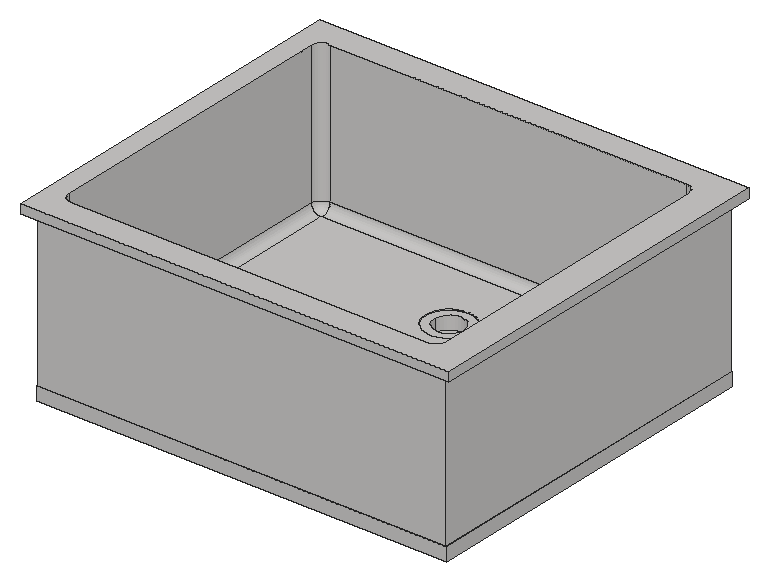
Revit family "DCS_BC25_Beverage_Chiller_90000793A", category Specialty Equipment, Revit 2018
Family settings
  Round Connector Dimension = Use Diameter
  Part Type = Normal
  OmniClass Number = 23.40.40.14.24.11
  OmniClass Title = Bar Equipment
  Work Plane-Based = No
  Always vertical = Yes
  Cut with Voids When Loaded = Yes
  Shared = No
  Room Calculation Point = No
Parameters (values of type "Bottle Chiller (without cover)")
  Visibility - Cover = no
  Visibility - Clearance Required = yes
  URL = "www.dcsappliances.com"
  Product - Width = 670 mm  # constant formula
  Product - Height = 306 mm  # constant formula
  Product - Depth = 557 mm  # constant formula
  Model = "BC1-25AC"
  Material - Body = DCS - Stainless Steel
  Manufacturer = "Fisher & Paykel"
  Description = "BC25 Beverage Chiller Bottle Holder Accessory"
  Cavity - Width = 615 mm  # constant formula
  Cavity - Height = 250 mm  # constant formula
  Cavity - Depth = 535 mm  # constant formula
Types (3, lengths in mm): name | Visibility - Cover | Model | Description
  (no name) | no | "BC1-25AC" | "BC25 Beverage Chiller Bottle Holder Accessory"
  Bottle Chiller | yes | "BC25" | "BC25 Bottle Chiller"
  Bottle Chiller (without cover) | no | "BC1-25AC" | "BC25 Beverage Chiller Bottle Holder Accessory"
Reference planes
  plane 1 "Center (Front/Back)": y = 0
  plane 2: z = 0
  plane 3 "Center (Left/Right)": x = 0
  plane 4 "Cavity - Height": z = -250
  plane 5 "Product - Height": z = 57
  plane 6 "Product LHS": x = -335
  plane 7 "Product RHS": x = 335
  plane 8 "Product Rear": y = 278.5
  plane 9 "Product Front": y = -278.5
  plane 10 "Cavity Front": y = -267.5
  plane 11 "Cavity Rear": y = 267.5
  plane 12 "Cavity LHS": x = -307.5
  plane 13 "Cavity RHS": x = 307.5
Forms (mm)
  Sweep 1, void
    path origin (0, 120.5, 0) x (1, 0, 0) y (0, 0, 1)
      loop
        line (0, -249) -> (0, -394)
        arc (0, -394) -> (45, -439) -> (90, -394) r 45
        line (90, -394) -> (90, -354)
        arc (90, -354) -> (103.18, -322.18) -> (135, -309) r 45
        line (135, -309) -> (175, -309)
    profile origin (0, 120.5, -321.5) x (0, -1, 0) y (1, 0, 0)
      loop
        circle (0, 0) r 25
  Extrusion 2, void
    sketch origin (0, 0, 0) x (1, 0, 0) y (0, 1, 0)
      loop
        line (-307.5, -267.5) -> (307.5, -267.5) -> (307.5, 267.5) -> (-307.5, 267.5) -> (-307.5, -267.5)
    from -250 to 0
Text (mm)
  text "Due to ongoing product development, product details are subject to change without notice. \nPlease always refer to https://www.dcsappliances.com for the most current product information. \n© DCS by Fisher & Paykel Appliances Ltd 2020" at (41.04, -702.724, 0), in view "Ref. Level (Plan)"
Dimensions and locks
  equal spacing: plane 6 "Product LHS", plane 3 "Center (Left/Right)", plane 7 "Product RHS"
  "Product - Width": plane 6 "Product LHS" to plane 7 "Product RHS"
  equal spacing: plane 10 "Cavity Front", plane 1 "Center (Front/Back)", plane 11 "Cavity Rear"
  "Cavity - Depth": plane 10 "Cavity Front" to plane 11 "Cavity Rear"
  equal spacing: plane 12 "Cavity LHS", plane 3 "Center (Left/Right)", plane 13 "Cavity RHS"
  "Cavity - Width": plane 12 "Cavity LHS" to plane 13 "Cavity RHS"
  equal spacing: plane 8 "Product Rear", plane 1 "Center (Front/Back)", plane 9 "Product Front"
  "Product - Depth": plane 8 "Product Rear" to plane 9 "Product Front"
  "Cavity - Height": level to plane 4 "Cavity - Height"
  aligned and locked: level to plane 2
Automatic sketch dimensions
  Sweep 1 sketch curve to plane 3 "Center (Left/Right)" = 0 mm
  Sweep 1 sketch curve to Sweep 1 sketch curve = 45 mm  (x2)
  Sweep 1 sketch curve to plane 4 "Cavity - Height" = 144 mm
  Sweep 1 sketch curve to Sweep 1 sketch curve = 40 mm  (x2)
  plane 4 "Cavity - Height" to Sweep 1 sketch curve = 1 mm
  Sweep 1 sketch curve to profile plane = 0 mm
  profile plane to Sweep 1 sketch curve = 0 mm
  Extrusion 2 sketch curve to plane 11 "Cavity Rear" = 0 mm
  Extrusion 2 sketch curve to plane 12 "Cavity LHS" = 0 mm
  Extrusion 2 sketch curve to plane 13 "Cavity RHS" = 0 mm
  Extrusion 2 sketch curve to plane 10 "Cavity Front" = 0 mm
  radius of Sweep 1 sketch curve = 25 mm
Nested families
  nested 1: "DCS_Beverage_Chiller" at (0, 0, 0), type "DCS_Beverage_Chiller"
  nested 2: "DCS_Cover_Beverage_Chiller" at (0, 0, 0), visible <- "Visibility - Cover", type "DCS_Cover_Beverage_Chiller"
Connectors
  piping at (175, 120.5, -309), diameter 51
    settings: on Sweep 1, index 1, connector inside diameter 609.6 mm, connector length 0 mm, flow factor 0, pipe flow 0.0 L/s, pressure drop 0.0 Pa, fitting loss kfactor 0, connector angle 0.00°, fixture units 0, engagement length 0 mm, angle of deflection 0.00°, flow configuration 0, flow direction 2, fitting loss method 0, system type 16, joint type 0, gender type 0, connector reference index -1, connector utility 0, adjustable connector no, is connector primary yes, connector description ""
Definition of nested family "DCS_Beverage_Chiller"
  Parameters (values of type "DCS_Beverage_Chiller")
    Visibility - Clearance Required = yes
    URL = "www.dcsappliances.com"
    Product - Width = 670 mm  # constant formula
    Product - Height = 306 mm  # constant formula
    Product - Depth = 557 mm  # constant formula
    Model = "BC25"
    Material - Body = none
    Manufacturer = "Fisher & Paykel"
    Description = "BC25 Bottle Chiller"
    Chassis - Width = 608 mm  # constant formula
    Chassis - Height = 249 mm  # constant formula
    Chassis - Depth = 529 mm  # constant formula
    Cavity - Width = 615 mm  # constant formula
    Cavity - Height = 250 mm  # constant formula
    Cavity - Depth = 535 mm  # constant formula
  Reference planes
    plane 1 "Center (Front/Back)": y = 0
    plane 2: z = 0
    plane 3 "Center (Left/Right)": x = 0
    plane 4 "Cavity - Height": z = -250
    plane 5 "Product - Height": z = 57
    plane 6 "Product LHS": x = -335
    plane 7 "Product RHS": x = 335
    plane 8 "Product Rear": y = 278.5
    plane 9 "Product Front": y = -278.5
    plane 10 "Cavity Front": y = -267.5
    plane 11 "Cavity Rear": y = 267.5
    plane 12 "Cavity LHS": x = -307.5
    plane 13 "Cavity RHS": x = 307.5
  Forms (mm)
    Extrusion 1, solid, material <- "Material - Body"
      sketch origin (0, 0, 0) x (1, 0, 0) y (0, 1, 0)
        loop
          line (-304, 264.5) -> (-304, -264.5) -> (304, -264.5) -> (304, 264.5) -> (-304, 264.5)
      from -249 to -229
    Extrusion 2, solid, material <- "Material - Body"
      sketch origin (0, 0, 0) x (1, 0, 0) y (0, 1, 0)
        loop
          arc (-272.527, 240.45) -> (-283.841, 235.764) -> (-288.527, 224.45) r 16
          line (-288.527, 224.45) -> (-288.527, -224.25)
          arc (-288.527, -224.25) -> (-283.841, -235.564) -> (-272.527, -240.25) r 16
          line (-272.527, -240.25) -> (255.473, -240.25)
          arc (255.473, -240.25) -> (266.786, -235.564) -> (271.473, -224.25) r 16
          line (271.473, -224.25) -> (271.473, 224.45)
          arc (271.473, 224.45) -> (266.786, 235.764) -> (255.473, 240.45) r 16
          line (255.473, 240.45) -> (-272.527, 240.45)
        loop
          line (-303, 264.05) -> (-303, -263.95) -> (303, -263.95) -> (303, 264.05) -> (-303, 264.05)
      from -209.2 to 14
    Extrusion 3, solid, material <- "Material - Body"
      sketch origin (0, 0, 0) x (1, 0, 0) y (0, 1, 0)
        loop
          line (-303, 264.05) -> (-303, -263.95) -> (303, -263.95) -> (303, 264.05) -> (-303, 264.05)
      from -229 to -209.2
    Extrusion 4, solid, material <- "Material - Body"
      sketch origin (0, 0, 0) x (1, 0, 0) y (0, 1, 0)
        loop
          line (318, -277.5) -> (318, 277.5) -> (-318, 277.5) -> (-318, -277.5) -> (318, -277.5)
        loop
          line (-303, 259.55) -> (-303, -263.95) -> (303, -263.95) -> (303, 259.55) -> (-303, 259.55)
      from 0 to 14
    Sweep 5, solid, material <- "Material - Body"
      path in 3D
        loop
          arc (-272.527, 240.45, -209.2) -> (-283.841, 235.764, -209.2) -> (-288.527, 224.45, -209.2) r 16
          line (-288.527, 224.45, -209.2) -> (-288.527, -224.25, -209.2)
          arc (-288.527, -224.25, -209.2) -> (-283.841, -235.564, -209.2) -> (-272.527, -240.25, -209.2) r 16
          line (-272.527, -240.25, -209.2) -> (255.473, -240.25, -209.2)
          arc (255.473, -240.25, -209.2) -> (266.786, -235.564, -209.2) -> (271.473, -224.25, -209.2) r 16
          line (271.473, -224.25, -209.2) -> (271.473, 224.45, -209.2)
          arc (271.473, 224.45, -209.2) -> (266.786, 235.764, -209.2) -> (255.473, 240.45, -209.2) r 16
          line (255.473, 240.45, -209.2) -> (-272.527, 240.45, -209.2)
      profile origin (-8.527, 240.45, -209.2) x (0, 1, 0) y (0, 0, -1)
        loop
          line (0, 0) -> (-14, 0)
          arc (-14, 0) -> (-4.101, -4.101) -> (0, -14) r 14
          line (0, -14) -> (0, 0)
    Extrusion 6, void
      sketch origin (0, 0, 0) x (1, 0, 0) y (0, 1, 0)
        loop
          circle (0, 120.5) r 22.1
      from -249 to -195.2
    Extrusion 7, solid
      sketch origin (0, 0, 0) x (1, 0, 0) y (0, 1, 0)
        loop
          circle (0, 120.5) r 22.1
        loop
          circle (0, 120.5) r 23.2
      from -274 to -249
    Extrusion 8, void
      sketch origin (0, 0, 0) x (1, 0, 0) y (0, 1, 0)
        loop
          circle (0, 120.5) r 35
      from -210 to -209.2
    Sweep 9, solid, detail levels coarse
      path origin (0, 120.5, 0) x (1, 0, 0) y (0, 0, 1)
        loop
          line (0, -249) -> (0, -394)
          arc (0, -394) -> (45, -439) -> (90, -394) r 45
          line (90, -394) -> (90, -354)
          arc (90, -354) -> (103.18, -322.18) -> (135, -309) r 45
          line (135, -309) -> (175, -309)
      profile origin (0, 120.5, -321.5) x (0, -1, 0) y (1, 0, 0)
        loop
          circle (0, 0) r 25
    Extrusion 10, solid, detail levels coarse
      sketch origin (0, 0, 0) x (1, 0, 0) y (0, 1, 0)
        loop
          line (-307.5, -267.5) -> (307.5, -267.5) -> (307.5, 267.5) -> (-307.5, 267.5) -> (-307.5, -267.5)
      from -250 to 0
  Cuts and joins
    Extrusion 6 cuts Extrusion 2
    Extrusion 6, Extrusion 8 cuts Extrusion 3
    joined: Extrusion 2, Extrusion 3, Extrusion 4, Sweep 5
  Lines and regions (mm)
    sketch lines
      curve 1: line (255.473, 240.45, -209.2) -> (-272.527, 240.45, -209.2)
      curve 2: arc (-288.527, 224.45, -209.2) -> (-283.841, 235.764, -209.2) -> (-272.527, 240.45, -209.2) r 16
      curve 3: line (-288.527, 224.45, -209.2) -> (-288.527, -224.25, -209.2)
      curve 4: arc (-272.527, -240.25, -209.2) -> (-283.841, -235.564, -209.2) -> (-288.527, -224.25, -209.2) r 16
      curve 5: line (-272.527, -240.25, -209.2) -> (255.473, -240.25, -209.2)
      curve 6: arc (271.473, -224.25, -209.2) -> (266.786, -235.564, -209.2) -> (255.473, -240.25, -209.2) r 16
      curve 7: line (271.473, -224.25, -209.2) -> (271.473, 224.45, -209.2)
      curve 8: arc (255.473, 240.45, -209.2) -> (266.786, 235.764, -209.2) -> (271.473, 224.45, -209.2) r 16
  Text (mm)
    text "Due to ongoing product development, product details are subject to change without notice. \nPlease always refer to https://www.dcsappliances.com for the most current product information. \n© DCS by Fisher & Paykel Appliances Ltd 2020" at (41.04, -702.724, 0), in view "Ref. Level (Plan)"
  Dimensions and locks
    equal spacing: plane 6 "Product LHS", plane 3 "Center (Left/Right)", plane 7 "Product RHS"
    "Product - Width": plane 6 "Product LHS" to plane 7 "Product RHS"
    equal spacing: cut or joined group of Extrusion 2, Extrusion 3, Extrusion 4, Sweep 5, Extrusion 6, Extrusion 8, plane 1 "Center (Front/Back)", cut or joined group of Extrusion 2, Extrusion 3, Extrusion 4, Sweep 5, Extrusion 6, Extrusion 8
    equal spacing: Extrusion 1, plane 1 "Center (Front/Back)", Extrusion 1
    equal spacing: cut or joined group of Extrusion 2, Extrusion 3, Extrusion 4, Sweep 5, Extrusion 6, Extrusion 8, plane 3 "Center (Left/Right)", cut or joined group of Extrusion 2, Extrusion 3, Extrusion 4, Sweep 5, Extrusion 6, Extrusion 8
    equal spacing: Extrusion 1, plane 3 "Center (Left/Right)", Extrusion 1
    equal spacing: plane 10 "Cavity Front", plane 1 "Center (Front/Back)", plane 11 "Cavity Rear"
    "Cavity - Depth": plane 10 "Cavity Front" to plane 11 "Cavity Rear"
    equal spacing: plane 12 "Cavity LHS", plane 3 "Center (Left/Right)", plane 13 "Cavity RHS"
    "Cavity - Width": plane 12 "Cavity LHS" to plane 13 "Cavity RHS"
    equal spacing: plane 8 "Product Rear", plane 1 "Center (Front/Back)", plane 9 "Product Front"
    "Product - Depth": plane 8 "Product Rear" to plane 9 "Product Front"
    "Cavity - Height": level to plane 4 "Cavity - Height"
    "Chassis - Height": level to Extrusion 1
    "Chassis - Width": Extrusion 1 to Extrusion 1
    "Chassis - Depth": Extrusion 1 to Extrusion 1
    Extrusion 4 sketch curve to Extrusion 4 sketch curve = 555 mm
    Extrusion 7 to plane 5 "Product - Height" = 331 mm
    "Product - Height": Extrusion 1 to plane 5 "Product - Height"
    cut or joined group of Extrusion 2, Extrusion 3, Extrusion 4, Sweep 5, Extrusion 6, Extrusion 8 to cut or joined group of Extrusion 2, Extrusion 3, Extrusion 4, Sweep 5, Extrusion 6, Extrusion 8 = 636 mm
    aligned and locked: level to plane 2
    aligned and locked: plane 10 "Cavity Front" to Extrusion 10 sketch curve
    aligned and locked: Extrusion 10 sketch curve to plane 12 "Cavity LHS"
    aligned and locked: Extrusion 10 sketch curve to plane 11 "Cavity Rear"
    aligned and locked: plane 13 "Cavity RHS" to Extrusion 10 sketch curve
    aligned and locked: level to Extrusion 10
  Automatic sketch dimensions
    plane 12 "Cavity LHS" to Extrusion 1 sketch curve = 3.5 mm
    Extrusion 1 sketch curve to plane 13 "Cavity RHS" = 3.5 mm
    Extrusion 1 sketch curve to plane 10 "Cavity Front" = 3 mm
    plane 11 "Cavity Rear" to Extrusion 1 sketch curve = 3 mm
    plane 12 "Cavity LHS" to Extrusion 2 sketch curve = 4.5 mm
    plane 12 "Cavity LHS" to Extrusion 2 sketch curve = 18.973 mm
    Extrusion 2 sketch curve to Extrusion 2 sketch curve = 16 mm  (x3)
    Extrusion 2 sketch curve to plane 13 "Cavity RHS" = 52.027 mm  (x2)
    Extrusion 2 sketch curve to plane 10 "Cavity Front" = 27.25 mm
    Extrusion 2 sketch curve to plane 13 "Cavity RHS" = 4.5 mm
    Extrusion 2 sketch curve to plane 10 "Cavity Front" = 3.55 mm
    plane 11 "Cavity Rear" to Extrusion 2 sketch curve = 43.05 mm
    plane 11 "Cavity Rear" to Extrusion 2 sketch curve = 3.45 mm
    plane 12 "Cavity LHS" to Extrusion 3 sketch curve = 4.5 mm
    Extrusion 3 sketch curve to plane 13 "Cavity RHS" = 4.5 mm
    Extrusion 3 sketch curve to plane 10 "Cavity Front" = 3.55 mm
    plane 11 "Cavity Rear" to Extrusion 3 sketch curve = 3.45 mm
    plane 9 "Product Front" to Extrusion 4 sketch curve = 1 mm
    Extrusion 4 sketch curve to plane 12 "Cavity LHS" = 10.5 mm
    plane 12 "Cavity LHS" to Extrusion 4 sketch curve = 4.5 mm
    Extrusion 4 sketch curve to plane 13 "Cavity RHS" = 4.5 mm
    plane 13 "Cavity RHS" to Extrusion 4 sketch curve = 10.5 mm
    Extrusion 4 sketch curve to plane 10 "Cavity Front" = 3.55 mm
    plane 11 "Cavity Rear" to Extrusion 4 sketch curve = 7.95 mm
    profile plane to Sweep 5 sketch curve = 0 mm
    Sweep 5 sketch curve to profile plane = 0 mm
    profile plane to Sweep 5 sketch curve = 14 mm
    Extrusion 6 sketch curve to plane 3 "Center (Left/Right)" = 0 mm
    Extrusion 6 sketch curve to plane 1 "Center (Front/Back)" = 120.5 mm
    Extrusion 7 sketch curve to Extrusion 7 sketch curve = 0 mm  (x2)
    Extrusion 7 sketch curve to plane 3 "Center (Left/Right)" = 0 mm
    Extrusion 7 sketch curve to plane 1 "Center (Front/Back)" = 120.5 mm
    Extrusion 8 sketch curve to plane 3 "Center (Left/Right)" = 0 mm
    Extrusion 8 sketch curve to plane 1 "Center (Front/Back)" = 120.5 mm
    Sweep 9 sketch curve to plane 3 "Center (Left/Right)" = 0 mm
    Sweep 9 sketch curve to Sweep 9 sketch curve = 45 mm  (x2)
    Sweep 9 sketch curve to plane 4 "Cavity - Height" = 144 mm
    Sweep 9 sketch curve to Sweep 9 sketch curve = 40 mm  (x2)
    plane 4 "Cavity - Height" to Sweep 9 sketch curve = 1 mm
    Sweep 9 sketch curve to profile plane = 0 mm
    profile plane to Sweep 9 sketch curve = 0 mm
    radius of Extrusion 6 sketch curve = 22.1 mm
    radius of Extrusion 7 sketch curve = 22.1 mm
    radius of Extrusion 7 sketch curve = 23.2 mm
    radius of Extrusion 8 sketch curve = 35 mm
    radius of Sweep 9 sketch curve = 25 mm
Definition of nested family "DCS_Cover_Beverage_Chiller"
  Parameters (values of type "DCS_Cover_Beverage_Chiller")
    URL = "www.dcsappliances.com"
    Product - Width = 670 mm  # constant formula
    Product - Height = 306 mm  # constant formula
    Product - Depth = 557 mm  # constant formula
    Model = "BC25"
    Material - Body = none
    Manufacturer = "Fisher & Paykel"
    Description = "BC25 Bottle Chiller"
  Reference planes
    plane 1 "Center (Front/Back)": y = 0
    plane 2: z = 0
    plane 3 "Center (Left/Right)": x = 0
    plane 4 "Product - Height": z = 57
    plane 5 "Product LHS": x = -335
    plane 6 "Product RHS": x = 335
    plane 7 "Product Rear": y = 278.5
    plane 8 "Product Front": y = -278.5
  Forms (mm)
    Extrusion 1, solid, material <- "Material - Body"
      sketch origin (0, 0, 0) x (1, 0, 0) y (0, 0, 1)
        loop
          line (-335, 57) -> (-335, 36.354) -> (-323.46, 36.354) -> (-323.46, 8.11) -> (-319.764, 8.11) -> (-319.764, 23.11) -> (319.764, 23.11) -> (319.764, 8.11) -> (323.46, 8.11) -> (323.46, 36.354) -> (335, 36.354) -> (335, 57) -> (-335, 57)
      from -278.5 to 278.5
    Extrusion 2, solid, material <- "Material - Body"
      sketch origin (0, 0, 0) x (1, 0, 0) y (0, 1, 0)
        loop
          line (-319.764, 277.496) -> (319.764, 277.496) -> (319.764, 278.5) -> (-319.764, 278.5) -> (-319.764, 277.496)
        loop
          line (-319.764, -277.496) -> (-319.764, -278.5) -> (319.764, -278.5) -> (319.764, -277.496) -> (-319.764, -277.496)
      from 8.11 to 23.11
  Cuts and joins
    joined: Extrusion 1, Extrusion 2
  Text (mm)
    text "Due to ongoing product development, product details are subject to change without notice. \nPlease always refer to https://www.dcsappliances.com for the most current product information. \n© DCS by Fisher & Paykel Appliances Ltd 2020" at (41.04, -702.724, 0), in view "Ref. Level (Plan)"
  Dimensions and locks
    equal spacing: plane 5 "Product LHS", plane 3 "Center (Left/Right)", plane 6 "Product RHS"
    "Product - Width": plane 5 "Product LHS" to plane 6 "Product RHS"
    equal spacing: plane 7 "Product Rear", plane 1 "Center (Front/Back)", plane 8 "Product Front"
    "Product - Depth": plane 7 "Product Rear" to plane 8 "Product Front"
    aligned and locked: level to plane 2
    aligned and locked: Extrusion 1 sketch curve to plane 6 "Product RHS"
    aligned and locked: plane 7 "Product Rear" to cut or joined group of Extrusion 1, Extrusion 2
    aligned and locked: plane 8 "Product Front" to cut or joined group of Extrusion 1, Extrusion 2
    aligned and locked: plane 7 "Product Rear" to Extrusion 2 sketch curve
    aligned and locked: Extrusion 2 to cut or joined group of Extrusion 1, Extrusion 2  (x5)
    aligned and locked: cut or joined group of Extrusion 1, Extrusion 2 to Extrusion 2
    aligned and locked: plane 4 "Product - Height" to cut or joined group of Extrusion 1, Extrusion 2
  Automatic sketch dimensions
    plane 5 "Product LHS" to Extrusion 1 sketch curve = 0 mm
    Extrusion 1 sketch curve to plane 5 "Product LHS" = 11.54 mm
    Extrusion 1 sketch curve to Extrusion 1 sketch curve = 3.696 mm  (x2)
    level to Extrusion 1 sketch curve = 8.11 mm  (x2)
    Extrusion 1 sketch curve to Extrusion 1 sketch curve = 15 mm
    Extrusion 1 sketch curve to Extrusion 1 sketch curve = 13.244 mm  (x2)
    Extrusion 1 sketch curve to Extrusion 1 sketch curve = 20.646 mm
    Extrusion 2 sketch curve to plane 8 "Product Front" = 0 mm
    Extrusion 2 sketch curve to plane 7 "Product Rear" = 1.004 mm
    plane 8 "Product Front" to Extrusion 2 sketch curve = 1.004 mm
    Extrusion 2 sketch curve to plane 5 "Product LHS" = 15.236 mm  (x2)
    plane 6 "Product RHS" to Extrusion 1 sketch curve = 15.236 mm
    plane 6 "Product RHS" to Extrusion 2 sketch curve = 15.236 mm  (x2)
